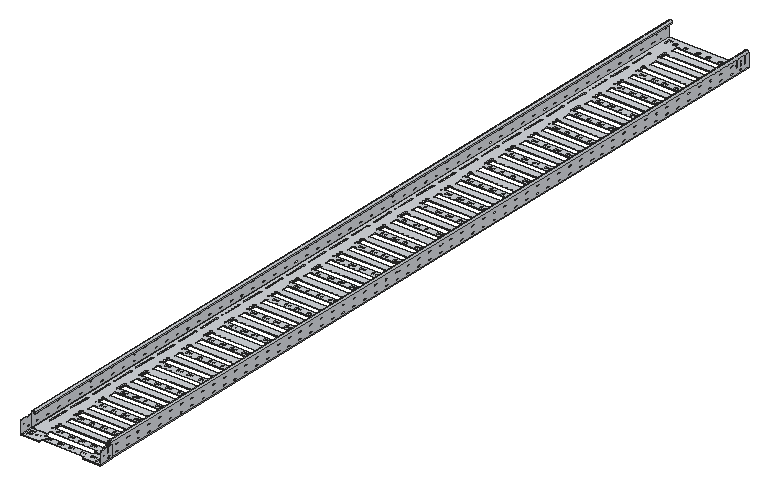
Revit family "MKSM Magic Kabelrinne 1 mm- MKSM 630 FT,FS", category Generic Models, Revit 2017 (continued)
Forms (mm)
  Extrusion 253, solid
    sketch origin (0, 0, 0) x (1, 0, 0) y (0, 0, 1)
      loop
        line (-65, -3.5) -> (-58.992, 0) -> (-60.942, 0) -> (-65, -2.328) -> (-69.058, 0) -> (-71.008, 0) -> (-65, -3.5)
    from -2978.15 to -2971.65
  Extrusion 254, void
    sketch origin (0, 0, 0) x (1, 0, 0) y (0, 1, 0)
      loop
        line (-71.008, 2978.15) -> (-71.008, 2971.65) -> (-58.992, 2971.65) -> (-58.992, 2978.15) -> (-71.008, 2978.15)
      loop
        line (58.992, 2978.15) -> (58.992, 2971.65) -> (71.008, 2971.65) -> (71.008, 2978.15) -> (58.992, 2978.15)
    from 0 to 1
  Extrusion 255, solid
    sketch origin (0, 0, 0) x (1, 0, 0) y (0, 0, 1)
      loop
        line (131, -3.5) -> (137.008, 0) -> (135.058, 0) -> (131, -2.343) -> (126.942, 0) -> (124.992, 0) -> (131, -3.5)
      loop
        line (-131, -3.5) -> (-124.992, 0) -> (-126.942, 0) -> (-131, -2.328) -> (-135.058, 0) -> (-137.008, 0) -> (-131, -3.5)
    from -2970 to -2963.5
  Extrusion 256, solid
    sketch origin (0, 0, 0) x (1, 0, 0) y (0, 0, 1)
      loop
        line (-137.008, 0) -> (-131, -3.5) -> (-124.992, 0) -> (-126.942, 0) -> (-131, -2.328) -> (-135.058, 0) -> (-137.008, 0)
      loop
        line (124.992, 0) -> (131, -3.5) -> (137.008, 0) -> (135.058, 0) -> (131, -2.328) -> (126.942, 0) -> (124.992, 0)
    from -2979.5 to -2986
  Extrusion 257, void
    sketch origin (0, 0, 0) x (1, 0, 0) y (0, 1, 0)
      loop
        line (-137.008, 2986) -> (-137.008, 2979.5) -> (-124.992, 2979.5) -> (-124.992, 2986) -> (-137.008, 2986)
      loop
        line (-137.008, 2970) -> (-137.008, 2963.5) -> (-124.992, 2963.5) -> (-124.992, 2970) -> (-137.008, 2970)
      loop
        line (124.992, 2986) -> (124.992, 2979.5) -> (137.008, 2979.5) -> (137.008, 2986) -> (124.992, 2986)
      loop
        line (124.992, 2970) -> (124.992, 2963.5) -> (137.008, 2963.5) -> (137.008, 2970) -> (124.992, 2970)
    from 0 to 1
  Extrusion 258, void
    sketch origin (0, 0, 0) x (1, 0, 0) y (0, 1, 0)
      loop
        arc (-134.5, 66.496) -> (-131, 62.996) -> (-127.5, 66.496) r 3.5
        line (-127.5, 66.496) -> (-127.5, 138.496)
        arc (-127.5, 138.496) -> (-131, 141.996) -> (-134.5, 138.496) r 3.5
        line (-134.5, 138.496) -> (-134.5, 66.496)
    from 0 to 1
  Extrusion 259, void
    sketch origin (0, 101.733, 0) x (1, 0, 0) y (0, 1, 0)
      loop
        arc (-134.5, 66.496) -> (-131, 62.996) -> (-127.5, 66.496) r 3.5
        line (-127.5, 66.496) -> (-127.5, 138.496)
        arc (-127.5, 138.496) -> (-131, 141.996) -> (-134.5, 138.496) r 3.5
        line (-134.5, 138.496) -> (-134.5, 66.496)
    from 0 to 1
  Extrusion 260, void
    sketch origin (0, 203.458, 0) x (1, 0, 0) y (0, 1, 0)
      loop
        arc (-134.5, 66.496) -> (-131, 62.996) -> (-127.5, 66.496) r 3.5
        line (-127.5, 66.496) -> (-127.5, 138.496)
        arc (-127.5, 138.496) -> (-131, 141.996) -> (-134.5, 138.496) r 3.5
        line (-134.5, 138.496) -> (-134.5, 66.496)
    from 0 to 1
  Extrusion 261, void
    sketch origin (0, 305.183, 0) x (1, 0, 0) y (0, 1, 0)
      loop
        arc (-134.5, 66.496) -> (-131, 62.996) -> (-127.5, 66.496) r 3.5
        line (-127.5, 66.496) -> (-127.5, 138.496)
        arc (-127.5, 138.496) -> (-131, 141.996) -> (-134.5, 138.496) r 3.5
        line (-134.5, 138.496) -> (-134.5, 66.496)
    from 0 to 1
  Extrusion 262, void
    sketch origin (0, 406.908, 0) x (1, 0, 0) y (0, 1, 0)
      loop
        arc (-134.5, 66.496) -> (-131, 62.996) -> (-127.5, 66.496) r 3.5
        line (-127.5, 66.496) -> (-127.5, 138.496)
        arc (-127.5, 138.496) -> (-131, 141.996) -> (-134.5, 138.496) r 3.5
        line (-134.5, 138.496) -> (-134.5, 66.496)
    from 0 to 1
  Extrusion 263, void
    sketch origin (0, 508.633, 0) x (1, 0, 0) y (0, 1, 0)
      loop
        arc (-134.5, 66.496) -> (-131, 62.996) -> (-127.5, 66.496) r 3.5
        line (-127.5, 66.496) -> (-127.5, 138.496)
        arc (-127.5, 138.496) -> (-131, 141.996) -> (-134.5, 138.496) r 3.5
        line (-134.5, 138.496) -> (-134.5, 66.496)
    from 0 to 1
  Extrusion 264, void
    sketch origin (0, 610.358, 0) x (1, 0, 0) y (0, 1, 0)
      loop
        arc (-134.5, 66.496) -> (-131, 62.996) -> (-127.5, 66.496) r 3.5
        line (-127.5, 66.496) -> (-127.5, 138.496)
        arc (-127.5, 138.496) -> (-131, 141.996) -> (-134.5, 138.496) r 3.5
        line (-134.5, 138.496) -> (-134.5, 66.496)
    from 0 to 1
  Extrusion 265, void
    sketch origin (0, 712.083, 0) x (1, 0, 0) y (0, 1, 0)
      loop
        arc (-134.5, 66.496) -> (-131, 62.996) -> (-127.5, 66.496) r 3.5
        line (-127.5, 66.496) -> (-127.5, 138.496)
        arc (-127.5, 138.496) -> (-131, 141.996) -> (-134.5, 138.496) r 3.5
        line (-134.5, 138.496) -> (-134.5, 66.496)
    from 0 to 1
  Extrusion 266, void
    sketch origin (0, 813.808, 0) x (1, 0, 0) y (0, 1, 0)
      loop
        arc (-134.5, 66.496) -> (-131, 62.996) -> (-127.5, 66.496) r 3.5
        line (-127.5, 66.496) -> (-127.5, 138.496)
        arc (-127.5, 138.496) -> (-131, 141.996) -> (-134.5, 138.496) r 3.5
        line (-134.5, 138.496) -> (-134.5, 66.496)
    from 0 to 1
  Extrusion 267, void
    sketch origin (0, 915.533, 0) x (1, 0, 0) y (0, 1, 0)
      loop
        arc (-134.5, 66.496) -> (-131, 62.996) -> (-127.5, 66.496) r 3.5
        line (-127.5, 66.496) -> (-127.5, 138.496)
        arc (-127.5, 138.496) -> (-131, 141.996) -> (-134.5, 138.496) r 3.5
        line (-134.5, 138.496) -> (-134.5, 66.496)
    from 0 to 1
  Extrusion 268, void
    sketch origin (0, 1017.259, 0) x (1, 0, 0) y (0, 1, 0)
      loop
        arc (-134.5, 66.496) -> (-131, 62.996) -> (-127.5, 66.496) r 3.5
        line (-127.5, 66.496) -> (-127.5, 138.496)
        arc (-127.5, 138.496) -> (-131, 141.996) -> (-134.5, 138.496) r 3.5
        line (-134.5, 138.496) -> (-134.5, 66.496)
    from 0 to 1
  Extrusion 269, void
    sketch origin (0, 1118.984, 0) x (1, 0, 0) y (0, 1, 0)
      loop
        arc (-134.5, 66.496) -> (-131, 62.996) -> (-127.5, 66.496) r 3.5
        line (-127.5, 66.496) -> (-127.5, 138.496)
        arc (-127.5, 138.496) -> (-131, 141.996) -> (-134.5, 138.496) r 3.5
        line (-134.5, 138.496) -> (-134.5, 66.496)
    from 0 to 1
  Extrusion 270, void
    sketch origin (0, 1220.709, 0) x (1, 0, 0) y (0, 1, 0)
      loop
        arc (-134.5, 66.496) -> (-131, 62.996) -> (-127.5, 66.496) r 3.5
        line (-127.5, 66.496) -> (-127.5, 138.496)
        arc (-127.5, 138.496) -> (-131, 141.996) -> (-134.5, 138.496) r 3.5
        line (-134.5, 138.496) -> (-134.5, 66.496)
    from 0 to 1
  Extrusion 271, void
    sketch origin (0, 1322.434, 0) x (1, 0, 0) y (0, 1, 0)
      loop
        arc (-134.5, 66.496) -> (-131, 62.996) -> (-127.5, 66.496) r 3.5
        line (-127.5, 66.496) -> (-127.5, 138.496)
        arc (-127.5, 138.496) -> (-131, 141.996) -> (-134.5, 138.496) r 3.5
        line (-134.5, 138.496) -> (-134.5, 66.496)
    from 0 to 1
  Extrusion 272, void
    sketch origin (0, 1424.159, 0) x (1, 0, 0) y (0, 1, 0)
      loop
        arc (-134.5, 66.496) -> (-131, 62.996) -> (-127.5, 66.496) r 3.5
        line (-127.5, 66.496) -> (-127.5, 138.496)
        arc (-127.5, 138.496) -> (-131, 141.996) -> (-134.5, 138.496) r 3.5
        line (-134.5, 138.496) -> (-134.5, 66.496)
    from 0 to 1
  Extrusion 273, void
    sketch origin (0, 1525.884, 0) x (1, 0, 0) y (0, 1, 0)
      loop
        arc (-134.5, 66.496) -> (-131, 62.996) -> (-127.5, 66.496) r 3.5
        line (-127.5, 66.496) -> (-127.5, 138.496)
        arc (-127.5, 138.496) -> (-131, 141.996) -> (-134.5, 138.496) r 3.5
        line (-134.5, 138.496) -> (-134.5, 66.496)
    from 0 to 1
  Extrusion 274, void
    sketch origin (0, 1627.609, 0) x (1, 0, 0) y (0, 1, 0)
      loop
        arc (-134.5, 66.496) -> (-131, 62.996) -> (-127.5, 66.496) r 3.5
        line (-127.5, 66.496) -> (-127.5, 138.496)
        arc (-127.5, 138.496) -> (-131, 141.996) -> (-134.5, 138.496) r 3.5
        line (-134.5, 138.496) -> (-134.5, 66.496)
    from 0 to 1
  Extrusion 275, void
    sketch origin (0, 1729.334, 0) x (1, 0, 0) y (0, 1, 0)
      loop
        arc (-134.5, 66.496) -> (-131, 62.996) -> (-127.5, 66.496) r 3.5
        line (-127.5, 66.496) -> (-127.5, 138.496)
        arc (-127.5, 138.496) -> (-131, 141.996) -> (-134.5, 138.496) r 3.5
        line (-134.5, 138.496) -> (-134.5, 66.496)
    from 0 to 1
  Extrusion 276, void
    sketch origin (0, 1831.06, 0) x (1, 0, 0) y (0, 1, 0)
      loop
        arc (-134.5, 66.496) -> (-131, 62.996) -> (-127.5, 66.496) r 3.5
        line (-127.5, 66.496) -> (-127.5, 138.496)
        arc (-127.5, 138.496) -> (-131, 141.996) -> (-134.5, 138.496) r 3.5
        line (-134.5, 138.496) -> (-134.5, 66.496)
    from 0 to 1
  Extrusion 277, void
    sketch origin (0, 1932.785, 0) x (1, 0, 0) y (0, 1, 0)
      loop
        arc (-134.5, 66.496) -> (-131, 62.996) -> (-127.5, 66.496) r 3.5
        line (-127.5, 66.496) -> (-127.5, 138.496)
        arc (-127.5, 138.496) -> (-131, 141.996) -> (-134.5, 138.496) r 3.5
        line (-134.5, 138.496) -> (-134.5, 66.496)
    from 0 to 1
  Extrusion 278, void
    sketch origin (0, 2034.51, 0) x (1, 0, 0) y (0, 1, 0)
      loop
        arc (-134.5, 66.496) -> (-131, 62.996) -> (-127.5, 66.496) r 3.5
        line (-127.5, 66.496) -> (-127.5, 138.496)
        arc (-127.5, 138.496) -> (-131, 141.996) -> (-134.5, 138.496) r 3.5
        line (-134.5, 138.496) -> (-134.5, 66.496)
    from 0 to 1
  Extrusion 279, void
    sketch origin (0, 2136.235, 0) x (1, 0, 0) y (0, 1, 0)
      loop
        arc (-134.5, 66.496) -> (-131, 62.996) -> (-127.5, 66.496) r 3.5
        line (-127.5, 66.496) -> (-127.5, 138.496)
        arc (-127.5, 138.496) -> (-131, 141.996) -> (-134.5, 138.496) r 3.5
        line (-134.5, 138.496) -> (-134.5, 66.496)
    from 0 to 1
  Extrusion 280, void
    sketch origin (0, 2237.96, 0) x (1, 0, 0) y (0, 1, 0)
      loop
        arc (-134.5, 66.496) -> (-131, 62.996) -> (-127.5, 66.496) r 3.5
        line (-127.5, 66.496) -> (-127.5, 138.496)
        arc (-127.5, 138.496) -> (-131, 141.996) -> (-134.5, 138.496) r 3.5
        line (-134.5, 138.496) -> (-134.5, 66.496)
    from 0 to 1
  Extrusion 281, void
    sketch origin (0, 2339.685, 0) x (1, 0, 0) y (0, 1, 0)
      loop
        arc (-134.5, 66.496) -> (-131, 62.996) -> (-127.5, 66.496) r 3.5
        line (-127.5, 66.496) -> (-127.5, 138.496)
        arc (-127.5, 138.496) -> (-131, 141.996) -> (-134.5, 138.496) r 3.5
        line (-134.5, 138.496) -> (-134.5, 66.496)
    from 0 to 1
  Extrusion 282, void
    sketch origin (0, 2441.41, 0) x (1, 0, 0) y (0, 1, 0)
      loop
        arc (-134.5, 66.496) -> (-131, 62.996) -> (-127.5, 66.496) r 3.5
        line (-127.5, 66.496) -> (-127.5, 138.496)
        arc (-127.5, 138.496) -> (-131, 141.996) -> (-134.5, 138.496) r 3.5
        line (-134.5, 138.496) -> (-134.5, 66.496)
    from 0 to 1
  Extrusion 283, void
    sketch origin (0, 2543.135, 0) x (1, 0, 0) y (0, 1, 0)
      loop
        arc (-134.5, 66.496) -> (-131, 62.996) -> (-127.5, 66.496) r 3.5
        line (-127.5, 66.496) -> (-127.5, 138.496)
        arc (-127.5, 138.496) -> (-131, 141.996) -> (-134.5, 138.496) r 3.5
        line (-134.5, 138.496) -> (-134.5, 66.496)
    from 0 to 1
  Extrusion 284, void
    sketch origin (0, 2644.86, 0) x (1, 0, 0) y (0, 1, 0)
      loop
        arc (-134.5, 66.496) -> (-131, 62.996) -> (-127.5, 66.496) r 3.5
        line (-127.5, 66.496) -> (-127.5, 138.496)
        arc (-127.5, 138.496) -> (-131, 141.996) -> (-134.5, 138.496) r 3.5
        line (-134.5, 138.496) -> (-134.5, 66.496)
    from 0 to 1
  Extrusion 285, void
    sketch origin (0, 2746.586, 0) x (1, 0, 0) y (0, 1, 0)
      loop
        arc (-134.5, 66.496) -> (-131, 62.996) -> (-127.5, 66.496) r 3.5
        line (-127.5, 66.496) -> (-127.5, 138.496)
        arc (-127.5, 138.496) -> (-131, 141.996) -> (-134.5, 138.496) r 3.5
        line (-134.5, 138.496) -> (-134.5, 66.496)
    from 0 to 1
  Extrusion 286, void
    sketch origin (0, 0, 0) x (1, 0, 0) y (0, 1, 0)
      loop
        arc (127.5, 66.5) -> (131, 63) -> (134.5, 66.5) r 3.5
        line (134.5, 66.5) -> (134.5, 138.5)
        arc (134.5, 138.5) -> (131, 142) -> (127.5, 138.5) r 3.5
        line (127.5, 138.5) -> (127.5, 66.5)
    from 0 to 1
  Extrusion 287, void
    sketch origin (0.096, 0, 0) x (1, 0, 0) y (0, 1, 0)
      loop
        line (-90, 13.54) -> (-90, -11.88) -> (90, -11.88) -> (90, 13.54) -> (-90, 13.54)
    from -1.75 to 1
  Extrusion 288, void
    sketch origin (0, 0, 0) x (1, 0, 0) y (0, 1, 0)
      loop
        line (-81, -37.29) -> (-81, -48.462) -> (-82.077, -50) -> (82.077, -50) -> (81, -48.462) -> (81, -37.29) -> (-81, -37.29)
    from -1.75 to 0
  Extrusion 289, void
    sketch origin (0, 101.68, 0) x (1, 0, 0) y (0, 1, 0)
      loop
        arc (127.5, 66.5) -> (131, 63) -> (134.5, 66.5) r 3.5
        line (134.5, 66.5) -> (134.5, 138.5)
        arc (134.5, 138.5) -> (131, 142) -> (127.5, 138.5) r 3.5
        line (127.5, 138.5) -> (127.5, 66.5)
    from 0 to 1
  Extrusion 290, void
    sketch origin (0, 203.348, 0) x (1, 0, 0) y (0, 1, 0)
      loop
        arc (127.5, 66.5) -> (131, 63) -> (134.5, 66.5) r 3.5
        line (134.5, 66.5) -> (134.5, 138.5)
        arc (134.5, 138.5) -> (131, 142) -> (127.5, 138.5) r 3.5
        line (127.5, 138.5) -> (127.5, 66.5)
    from 0 to 1
  Extrusion 291, void
    sketch origin (0, 305.016, 0) x (1, 0, 0) y (0, 1, 0)
      loop
        arc (127.5, 66.5) -> (131, 63) -> (134.5, 66.5) r 3.5
        line (134.5, 66.5) -> (134.5, 138.5)
        arc (134.5, 138.5) -> (131, 142) -> (127.5, 138.5) r 3.5
        line (127.5, 138.5) -> (127.5, 66.5)
    from 0 to 1
  Extrusion 292, void
    sketch origin (0, 406.685, 0) x (1, 0, 0) y (0, 1, 0)
      loop
        arc (127.5, 66.5) -> (131, 63) -> (134.5, 66.5) r 3.5
        line (134.5, 66.5) -> (134.5, 138.5)
        arc (134.5, 138.5) -> (131, 142) -> (127.5, 138.5) r 3.5
        line (127.5, 138.5) -> (127.5, 66.5)
    from 0 to 1
  Extrusion 293, void
    sketch origin (0, 508.353, 0) x (1, 0, 0) y (0, 1, 0)
      loop
        arc (127.5, 66.5) -> (131, 63) -> (134.5, 66.5) r 3.5
        line (134.5, 66.5) -> (134.5, 138.5)
        arc (134.5, 138.5) -> (131, 142) -> (127.5, 138.5) r 3.5
        line (127.5, 138.5) -> (127.5, 66.5)
    from 0 to 1
  Extrusion 294, void
    sketch origin (0, 610.022, 0) x (1, 0, 0) y (0, 1, 0)
      loop
        arc (127.5, 66.5) -> (131, 63) -> (134.5, 66.5) r 3.5
        line (134.5, 66.5) -> (134.5, 138.5)
        arc (134.5, 138.5) -> (131, 142) -> (127.5, 138.5) r 3.5
        line (127.5, 138.5) -> (127.5, 66.5)
    from 0 to 1
  Extrusion 295, void
    sketch origin (0, 711.69, 0) x (1, 0, 0) y (0, 1, 0)
      loop
        arc (127.5, 66.5) -> (131, 63) -> (134.5, 66.5) r 3.5
        line (134.5, 66.5) -> (134.5, 138.5)
        arc (134.5, 138.5) -> (131, 142) -> (127.5, 138.5) r 3.5
        line (127.5, 138.5) -> (127.5, 66.5)
    from 0 to 1
  Extrusion 296, void
    sketch origin (0, 813.358, 0) x (1, 0, 0) y (0, 1, 0)
      loop
        arc (127.5, 66.5) -> (131, 63) -> (134.5, 66.5) r 3.5
        line (134.5, 66.5) -> (134.5, 138.5)
        arc (134.5, 138.5) -> (131, 142) -> (127.5, 138.5) r 3.5
        line (127.5, 138.5) -> (127.5, 66.5)
    from 0 to 1
  Extrusion 297, void
    sketch origin (0, 915.027, 0) x (1, 0, 0) y (0, 1, 0)
      loop
        arc (127.5, 66.5) -> (131, 63) -> (134.5, 66.5) r 3.5
        line (134.5, 66.5) -> (134.5, 138.5)
        arc (134.5, 138.5) -> (131, 142) -> (127.5, 138.5) r 3.5
        line (127.5, 138.5) -> (127.5, 66.5)
    from 0 to 1
  Extrusion 298, void
    sketch origin (0, 1016.695, 0) x (1, 0, 0) y (0, 1, 0)
      loop
        arc (127.5, 66.5) -> (131, 63) -> (134.5, 66.5) r 3.5
        line (134.5, 66.5) -> (134.5, 138.5)
        arc (134.5, 138.5) -> (131, 142) -> (127.5, 138.5) r 3.5
        line (127.5, 138.5) -> (127.5, 66.5)
    from 0 to 1
  Extrusion 299, void
    sketch origin (0, 1118.364, 0) x (1, 0, 0) y (0, 1, 0)
      loop
        arc (127.5, 66.5) -> (131, 63) -> (134.5, 66.5) r 3.5
        line (134.5, 66.5) -> (134.5, 138.5)
        arc (134.5, 138.5) -> (131, 142) -> (127.5, 138.5) r 3.5
        line (127.5, 138.5) -> (127.5, 66.5)
    from 0 to 1
  Extrusion 300, void
    sketch origin (0, 1220.032, 0) x (1, 0, 0) y (0, 1, 0)
      loop
        arc (127.5, 66.5) -> (131, 63) -> (134.5, 66.5) r 3.5
        line (134.5, 66.5) -> (134.5, 138.5)
        arc (134.5, 138.5) -> (131, 142) -> (127.5, 138.5) r 3.5
        line (127.5, 138.5) -> (127.5, 66.5)
    from 0 to 1
  Extrusion 301, void
    sketch origin (0, 1321.7, 0) x (1, 0, 0) y (0, 1, 0)
      loop
        arc (127.5, 66.5) -> (131, 63) -> (134.5, 66.5) r 3.5
        line (134.5, 66.5) -> (134.5, 138.5)
        arc (134.5, 138.5) -> (131, 142) -> (127.5, 138.5) r 3.5
        line (127.5, 138.5) -> (127.5, 66.5)
    from 0 to 1
  Extrusion 302, void
    sketch origin (0, 1423.369, 0) x (1, 0, 0) y (0, 1, 0)
      loop
        arc (127.5, 66.5) -> (131, 63) -> (134.5, 66.5) r 3.5
        line (134.5, 66.5) -> (134.5, 138.5)
        arc (134.5, 138.5) -> (131, 142) -> (127.5, 138.5) r 3.5
        line (127.5, 138.5) -> (127.5, 66.5)
    from 0 to 1
  Extrusion 303, void
    sketch origin (0, 1525.037, 0) x (1, 0, 0) y (0, 1, 0)
      loop
        arc (127.5, 66.5) -> (131, 63) -> (134.5, 66.5) r 3.5
        line (134.5, 66.5) -> (134.5, 138.5)
        arc (134.5, 138.5) -> (131, 142) -> (127.5, 138.5) r 3.5
        line (127.5, 138.5) -> (127.5, 66.5)
    from 0 to 1
  Extrusion 304, void
    sketch origin (0, 1626.706, 0) x (1, 0, 0) y (0, 1, 0)
      loop
        arc (127.5, 66.5) -> (131, 63) -> (134.5, 66.5) r 3.5
        line (134.5, 66.5) -> (134.5, 138.5)
        arc (134.5, 138.5) -> (131, 142) -> (127.5, 138.5) r 3.5
        line (127.5, 138.5) -> (127.5, 66.5)
    from 0 to 1
  Extrusion 305, void
    sketch origin (0, 1728.374, 0) x (1, 0, 0) y (0, 1, 0)
      loop
        arc (127.5, 66.5) -> (131, 63) -> (134.5, 66.5) r 3.5
        line (134.5, 66.5) -> (134.5, 138.5)
        arc (134.5, 138.5) -> (131, 142) -> (127.5, 138.5) r 3.5
        line (127.5, 138.5) -> (127.5, 66.5)
    from 0 to 1
  Extrusion 306, void
    sketch origin (0, 1830.042, 0) x (1, 0, 0) y (0, 1, 0)
      loop
        arc (127.5, 66.5) -> (131, 63) -> (134.5, 66.5) r 3.5
        line (134.5, 66.5) -> (134.5, 138.5)
        arc (134.5, 138.5) -> (131, 142) -> (127.5, 138.5) r 3.5
        line (127.5, 138.5) -> (127.5, 66.5)
    from 0 to 1
  Extrusion 307, void
    sketch origin (0, 1931.711, 0) x (1, 0, 0) y (0, 1, 0)
      loop
        arc (127.5, 66.5) -> (131, 63) -> (134.5, 66.5) r 3.5
        line (134.5, 66.5) -> (134.5, 138.5)
        arc (134.5, 138.5) -> (131, 142) -> (127.5, 138.5) r 3.5
        line (127.5, 138.5) -> (127.5, 66.5)
    from 0 to 1
  Extrusion 308, void
    sketch origin (0, 2033.379, 0) x (1, 0, 0) y (0, 1, 0)
      loop
        arc (127.5, 66.5) -> (131, 63) -> (134.5, 66.5) r 3.5
        line (134.5, 66.5) -> (134.5, 138.5)
        arc (134.5, 138.5) -> (131, 142) -> (127.5, 138.5) r 3.5
        line (127.5, 138.5) -> (127.5, 66.5)
    from 0 to 1
  Extrusion 309, void
    sketch origin (0, 2135.048, 0) x (1, 0, 0) y (0, 1, 0)
      loop
        arc (127.5, 66.5) -> (131, 63) -> (134.5, 66.5) r 3.5
        line (134.5, 66.5) -> (134.5, 138.5)
        arc (134.5, 138.5) -> (131, 142) -> (127.5, 138.5) r 3.5
        line (127.5, 138.5) -> (127.5, 66.5)
    from 0 to 1
  Extrusion 310, void
    sketch origin (0, 2236.716, 0) x (1, 0, 0) y (0, 1, 0)
      loop
        arc (127.5, 66.5) -> (131, 63) -> (134.5, 66.5) r 3.5
        line (134.5, 66.5) -> (134.5, 138.5)
        arc (134.5, 138.5) -> (131, 142) -> (127.5, 138.5) r 3.5
        line (127.5, 138.5) -> (127.5, 66.5)
    from 0 to 1
  Extrusion 311, void
    sketch origin (0, 2338.384, 0) x (1, 0, 0) y (0, 1, 0)
      loop
        arc (127.5, 66.5) -> (131, 63) -> (134.5, 66.5) r 3.5
        line (134.5, 66.5) -> (134.5, 138.5)
        arc (134.5, 138.5) -> (131, 142) -> (127.5, 138.5) r 3.5
        line (127.5, 138.5) -> (127.5, 66.5)
    from 0 to 1
  Extrusion 312, void
    sketch origin (0, 2440.053, 0) x (1, 0, 0) y (0, 1, 0)
      loop
        arc (127.5, 66.5) -> (131, 63) -> (134.5, 66.5) r 3.5
        line (134.5, 66.5) -> (134.5, 138.5)
        arc (134.5, 138.5) -> (131, 142) -> (127.5, 138.5) r 3.5
        line (127.5, 138.5) -> (127.5, 66.5)
    from 0 to 1
  Extrusion 313, void
    sketch origin (0, 2541.721, 0) x (1, 0, 0) y (0, 1, 0)
      loop
        arc (127.5, 66.5) -> (131, 63) -> (134.5, 66.5) r 3.5
        line (134.5, 66.5) -> (134.5, 138.5)
        arc (134.5, 138.5) -> (131, 142) -> (127.5, 138.5) r 3.5
        line (127.5, 138.5) -> (127.5, 66.5)
    from 0 to 1
  Extrusion 314, void
    sketch origin (0, 2643.39, 0) x (1, 0, 0) y (0, 1, 0)
      loop
        arc (127.5, 66.5) -> (131, 63) -> (134.5, 66.5) r 3.5
        line (134.5, 66.5) -> (134.5, 138.5)
        arc (134.5, 138.5) -> (131, 142) -> (127.5, 138.5) r 3.5
        line (127.5, 138.5) -> (127.5, 66.5)
    from 0 to 1
  Extrusion 315, void
    sketch origin (0, 2745.058, 0) x (1, 0, 0) y (0, 1, 0)
      loop
        arc (127.5, 66.5) -> (131, 63) -> (134.5, 66.5) r 3.5
        line (134.5, 66.5) -> (134.5, 138.5)
        arc (134.5, 138.5) -> (131, 142) -> (127.5, 138.5) r 3.5
        line (127.5, 138.5) -> (127.5, 66.5)
    from 0 to 1
  Extrusion 316, void
    sketch origin (0, 0, 0) x (1, 0, 0) y (0, 1, 0)
      loop
        line (-90, 115.21) -> (-90, 89.79) -> (90, 89.79) -> (90, 115.21) -> (-90, 115.21)
    from 0 to 1
  Extrusion 317, void
    sketch origin (0, 0, 0) x (1, 0, 0) y (0, 1, 0)
      loop
        line (-90, 63.54) -> (-90, 38.12) -> (90, 38.12) -> (90, 63.54) -> (-90, 63.54)
      loop
        arc (92.517, 35.822) -> (96.008, 32.33) -> (99.5, 35.822) r 3.492
        line (99.5, 35.822) -> (99.5, 65.838)
        arc (99.5, 65.838) -> (96.008, 69.33) -> (92.517, 65.838) r 3.492
        line (92.517, 65.838) -> (92.517, 35.822)
      loop
        arc (-99.5, 35.83) -> (-96, 32.33) -> (-92.5, 35.83) r 3.5
        line (-92.5, 35.83) -> (-92.5, 65.83)
        arc (-92.5, 65.83) -> (-96, 69.33) -> (-99.5, 65.83) r 3.5
        line (-99.5, 65.83) -> (-99.5, 35.83)
    from 0 to 1
  Extrusion 318, void
    sketch origin (0, 101.673, 0) x (1, 0, 0) y (0, 1, 0)
      loop
        line (-90, 115.21) -> (-90, 89.79) -> (90, 89.79) -> (90, 115.21) -> (-90, 115.21)
    from 0 to 1
  Extrusion 319, void
    sketch origin (0, 101.729, 0) x (1, 0, 0) y (0, 1, 0)
      loop
        line (-90, 63.54) -> (-90, 38.12) -> (90, 38.12) -> (90, 63.54) -> (-90, 63.54)
      loop
        arc (92.517, 35.822) -> (96.008, 32.33) -> (99.5, 35.822) r 3.492
        line (99.5, 35.822) -> (99.5, 65.838)
        arc (99.5, 65.838) -> (96.008, 69.33) -> (92.517, 65.838) r 3.492
        line (92.517, 65.838) -> (92.517, 35.822)
      loop
        arc (-99.5, 35.83) -> (-96, 32.33) -> (-92.5, 35.83) r 3.5
        line (-92.5, 35.83) -> (-92.5, 65.83)
        arc (-92.5, 65.83) -> (-96, 69.33) -> (-99.5, 65.83) r 3.5
        line (-99.5, 65.83) -> (-99.5, 35.83)
    from 0 to 1
  Extrusion 320, void
    sketch origin (0, 0, 0) x (1, 0, 0) y (0, 1, 0)
      loop
        line (-29, 29.75) -> (-29, 22.75) -> (-11.021, 22.75) -> (-11.021, 29.75) -> (-29, 29.75)
      loop
        line (11, 29.75) -> (11, 22.75) -> (29, 22.75) -> (29, 29.75) -> (11, 29.75)
      loop
        line (-74, 29.75) -> (-74, 22.75) -> (-56, 22.75) -> (-56, 29.75) -> (-74, 29.75)
      loop
        line (56, 29.75) -> (56, 22.75) -> (74, 22.75) -> (74, 29.75) -> (56, 29.75)
    from 0 to 1
  Extrusion 321, void
    sketch origin (0, 101.744, 0) x (1, 0, 0) y (0, 1, 0)
      loop
        line (-29, 29.75) -> (-29, 22.75) -> (-11.021, 22.75) -> (-11.021, 29.75) -> (-29, 29.75)
      loop
        line (11, 29.75) -> (11, 22.75) -> (29, 22.75) -> (29, 29.75) -> (11, 29.75)
      loop
        line (-74, 29.75) -> (-74, 22.75) -> (-56, 22.75) -> (-56, 29.75) -> (-74, 29.75)
      loop
        line (56, 29.75) -> (56, 22.75) -> (74, 22.75) -> (74, 29.75) -> (56, 29.75)
    from 0 to 1
  Extrusion 322, void
    sketch origin (0, 203.401, 0) x (1, 0, 0) y (0, 1, 0)
      loop
        line (-29, 29.75) -> (-29, 22.75) -> (-11.021, 22.75) -> (-11.021, 29.75) -> (-29, 29.75)
      loop
        line (11, 29.75) -> (11, 22.75) -> (29, 22.75) -> (29, 29.75) -> (11, 29.75)
      loop
        line (-74, 29.75) -> (-74, 22.75) -> (-56, 22.75) -> (-56, 29.75) -> (-74, 29.75)
      loop
        line (56, 29.75) -> (56, 22.75) -> (74, 22.75) -> (74, 29.75) -> (56, 29.75)
    from 0 to 1
  Extrusion 323, void
    sketch origin (0, 305.058, 0) x (1, 0, 0) y (0, 1, 0)
      loop
        line (-29, 29.75) -> (-29, 22.75) -> (-11.021, 22.75) -> (-11.021, 29.75) -> (-29, 29.75)
      loop
        line (11, 29.75) -> (11, 22.75) -> (29, 22.75) -> (29, 29.75) -> (11, 29.75)
      loop
        line (-74, 29.75) -> (-74, 22.75) -> (-56, 22.75) -> (-56, 29.75) -> (-74, 29.75)
      loop
        line (56, 29.75) -> (56, 22.75) -> (74, 22.75) -> (74, 29.75) -> (56, 29.75)
    from 0 to 1
  Extrusion 324, void
    sketch origin (0, 406.716, 0) x (1, 0, 0) y (0, 1, 0)
      loop
        line (-29, 29.75) -> (-29, 22.75) -> (-11.021, 22.75) -> (-11.021, 29.75) -> (-29, 29.75)
      loop
        line (11, 29.75) -> (11, 22.75) -> (29, 22.75) -> (29, 29.75) -> (11, 29.75)
      loop
        line (-74, 29.75) -> (-74, 22.75) -> (-56, 22.75) -> (-56, 29.75) -> (-74, 29.75)
      loop
        line (56, 29.75) -> (56, 22.75) -> (74, 22.75) -> (74, 29.75) -> (56, 29.75)
    from 0 to 1
  Extrusion 325, void
    sketch origin (0, 508.373, 0) x (1, 0, 0) y (0, 1, 0)
      loop
        line (-29, 29.75) -> (-29, 22.75) -> (-11.021, 22.75) -> (-11.021, 29.75) -> (-29, 29.75)
      loop
        line (11, 29.75) -> (11, 22.75) -> (29, 22.75) -> (29, 29.75) -> (11, 29.75)
      loop
        line (-74, 29.75) -> (-74, 22.75) -> (-56, 22.75) -> (-56, 29.75) -> (-74, 29.75)
      loop
        line (56, 29.75) -> (56, 22.75) -> (74, 22.75) -> (74, 29.75) -> (56, 29.75)
    from 0 to 1
  Extrusion 326, void
    sketch origin (0, 610.031, 0) x (1, 0, 0) y (0, 1, 0)
      loop
        line (-29, 29.75) -> (-29, 22.75) -> (-11.021, 22.75) -> (-11.021, 29.75) -> (-29, 29.75)
      loop
        line (11, 29.75) -> (11, 22.75) -> (29, 22.75) -> (29, 29.75) -> (11, 29.75)
      loop
        line (-74, 29.75) -> (-74, 22.75) -> (-56, 22.75) -> (-56, 29.75) -> (-74, 29.75)
      loop
        line (56, 29.75) -> (56, 22.75) -> (74, 22.75) -> (74, 29.75) -> (56, 29.75)
    from 0 to 1
  Extrusion 327, void
    sketch origin (0, 711.688, 0) x (1, 0, 0) y (0, 1, 0)
      loop
        line (-29, 29.75) -> (-29, 22.75) -> (-11.021, 22.75) -> (-11.021, 29.75) -> (-29, 29.75)
      loop
        line (11, 29.75) -> (11, 22.75) -> (29, 22.75) -> (29, 29.75) -> (11, 29.75)
      loop
        line (-74, 29.75) -> (-74, 22.75) -> (-56, 22.75) -> (-56, 29.75) -> (-74, 29.75)
      loop
        line (56, 29.75) -> (56, 22.75) -> (74, 22.75) -> (74, 29.75) -> (56, 29.75)
    from 0 to 1
  Extrusion 328, void
    sketch origin (0, 813.345, 0) x (1, 0, 0) y (0, 1, 0)
      loop
        line (-29, 29.75) -> (-29, 22.75) -> (-11.021, 22.75) -> (-11.021, 29.75) -> (-29, 29.75)
      loop
        line (11, 29.75) -> (11, 22.75) -> (29, 22.75) -> (29, 29.75) -> (11, 29.75)
      loop
        line (-74, 29.75) -> (-74, 22.75) -> (-56, 22.75) -> (-56, 29.75) -> (-74, 29.75)
      loop
        line (56, 29.75) -> (56, 22.75) -> (74, 22.75) -> (74, 29.75) -> (56, 29.75)
    from 0 to 1
  Extrusion 329, void
    sketch origin (0, 915.003, 0) x (1, 0, 0) y (0, 1, 0)
      loop
        line (-29, 29.75) -> (-29, 22.75) -> (-11.021, 22.75) -> (-11.021, 29.75) -> (-29, 29.75)
      loop
        line (11, 29.75) -> (11, 22.75) -> (29, 22.75) -> (29, 29.75) -> (11, 29.75)
      loop
        line (-74, 29.75) -> (-74, 22.75) -> (-56, 22.75) -> (-56, 29.75) -> (-74, 29.75)
      loop
        line (56, 29.75) -> (56, 22.75) -> (74, 22.75) -> (74, 29.75) -> (56, 29.75)
    from 0 to 1
  Extrusion 330, void
    sketch origin (0, 1016.66, 0) x (1, 0, 0) y (0, 1, 0)
      loop
        line (-29, 29.75) -> (-29, 22.75) -> (-11.021, 22.75) -> (-11.021, 29.75) -> (-29, 29.75)
      loop
        line (11, 29.75) -> (11, 22.75) -> (29, 22.75) -> (29, 29.75) -> (11, 29.75)
      loop
        line (-74, 29.75) -> (-74, 22.75) -> (-56, 22.75) -> (-56, 29.75) -> (-74, 29.75)
      loop
        line (56, 29.75) -> (56, 22.75) -> (74, 22.75) -> (74, 29.75) -> (56, 29.75)
    from 0 to 1
  Extrusion 331, void
    sketch origin (0, 1118.318, 0) x (1, 0, 0) y (0, 1, 0)
      loop
        line (-29, 29.75) -> (-29, 22.75) -> (-11.021, 22.75) -> (-11.021, 29.75) -> (-29, 29.75)
      loop
        line (11, 29.75) -> (11, 22.75) -> (29, 22.75) -> (29, 29.75) -> (11, 29.75)
      loop
        line (-74, 29.75) -> (-74, 22.75) -> (-56, 22.75) -> (-56, 29.75) -> (-74, 29.75)
      loop
        line (56, 29.75) -> (56, 22.75) -> (74, 22.75) -> (74, 29.75) -> (56, 29.75)
    from 0 to 1
  Extrusion 332, void
    sketch origin (0, 1219.975, 0) x (1, 0, 0) y (0, 1, 0)
      loop
        line (-29, 29.75) -> (-29, 22.75) -> (-11.021, 22.75) -> (-11.021, 29.75) -> (-29, 29.75)
      loop
        line (11, 29.75) -> (11, 22.75) -> (29, 22.75) -> (29, 29.75) -> (11, 29.75)
      loop
        line (-74, 29.75) -> (-74, 22.75) -> (-56, 22.75) -> (-56, 29.75) -> (-74, 29.75)
      loop
        line (56, 29.75) -> (56, 22.75) -> (74, 22.75) -> (74, 29.75) -> (56, 29.75)
    from 0 to 1
  Extrusion 333, void
    sketch origin (0, 1321.632, 0) x (1, 0, 0) y (0, 1, 0)
      loop
        line (-29, 29.75) -> (-29, 22.75) -> (-11.021, 22.75) -> (-11.021, 29.75) -> (-29, 29.75)
      loop
        line (11, 29.75) -> (11, 22.75) -> (29, 22.75) -> (29, 29.75) -> (11, 29.75)
      loop
        line (-74, 29.75) -> (-74, 22.75) -> (-56, 22.75) -> (-56, 29.75) -> (-74, 29.75)
      loop
        line (56, 29.75) -> (56, 22.75) -> (74, 22.75) -> (74, 29.75) -> (56, 29.75)
    from 0 to 1
  Extrusion 334, void
    sketch origin (0, 1423.29, 0) x (1, 0, 0) y (0, 1, 0)
      loop
        line (-29, 29.75) -> (-29, 22.75) -> (-11.021, 22.75) -> (-11.021, 29.75) -> (-29, 29.75)
      loop
        line (11, 29.75) -> (11, 22.75) -> (29, 22.75) -> (29, 29.75) -> (11, 29.75)
      loop
        line (-74, 29.75) -> (-74, 22.75) -> (-56, 22.75) -> (-56, 29.75) -> (-74, 29.75)
      loop
        line (56, 29.75) -> (56, 22.75) -> (74, 22.75) -> (74, 29.75) -> (56, 29.75)
    from 0 to 1
  Extrusion 335, void
    sketch origin (0, 1524.947, 0) x (1, 0, 0) y (0, 1, 0)
      loop
        line (-29, 29.75) -> (-29, 22.75) -> (-11.021, 22.75) -> (-11.021, 29.75) -> (-29, 29.75)
      loop
        line (11, 29.75) -> (11, 22.75) -> (29, 22.75) -> (29, 29.75) -> (11, 29.75)
      loop
        line (-74, 29.75) -> (-74, 22.75) -> (-56, 22.75) -> (-56, 29.75) -> (-74, 29.75)
      loop
        line (56, 29.75) -> (56, 22.75) -> (74, 22.75) -> (74, 29.75) -> (56, 29.75)
    from 0 to 1
  Extrusion 336, void
    sketch origin (0, 1626.605, 0) x (1, 0, 0) y (0, 1, 0)
      loop
        line (-29, 29.75) -> (-29, 22.75) -> (-11.021, 22.75) -> (-11.021, 29.75) -> (-29, 29.75)
      loop
        line (11, 29.75) -> (11, 22.75) -> (29, 22.75) -> (29, 29.75) -> (11, 29.75)
      loop
        line (-74, 29.75) -> (-74, 22.75) -> (-56, 22.75) -> (-56, 29.75) -> (-74, 29.75)
      loop
        line (56, 29.75) -> (56, 22.75) -> (74, 22.75) -> (74, 29.75) -> (56, 29.75)
    from 0 to 1
  Extrusion 337, void
    sketch origin (0, 1728.262, 0) x (1, 0, 0) y (0, 1, 0)
      loop
        line (-29, 29.75) -> (-29, 22.75) -> (-11.021, 22.75) -> (-11.021, 29.75) -> (-29, 29.75)
      loop
        line (11, 29.75) -> (11, 22.75) -> (29, 22.75) -> (29, 29.75) -> (11, 29.75)
      loop
        line (-74, 29.75) -> (-74, 22.75) -> (-56, 22.75) -> (-56, 29.75) -> (-74, 29.75)
      loop
        line (56, 29.75) -> (56, 22.75) -> (74, 22.75) -> (74, 29.75) -> (56, 29.75)
    from 0 to 1
  Extrusion 338, void
    sketch origin (0, 1829.919, 0) x (1, 0, 0) y (0, 1, 0)
      loop
        line (-29, 29.75) -> (-29, 22.75) -> (-11.021, 22.75) -> (-11.021, 29.75) -> (-29, 29.75)
      loop
        line (11, 29.75) -> (11, 22.75) -> (29, 22.75) -> (29, 29.75) -> (11, 29.75)
      loop
        line (-74, 29.75) -> (-74, 22.75) -> (-56, 22.75) -> (-56, 29.75) -> (-74, 29.75)
      loop
        line (56, 29.75) -> (56, 22.75) -> (74, 22.75) -> (74, 29.75) -> (56, 29.75)
    from 0 to 1
  Extrusion 339, void
    sketch origin (0, 1931.577, 0) x (1, 0, 0) y (0, 1, 0)
      loop
        line (-29, 29.75) -> (-29, 22.75) -> (-11.021, 22.75) -> (-11.021, 29.75) -> (-29, 29.75)
      loop
        line (11, 29.75) -> (11, 22.75) -> (29, 22.75) -> (29, 29.75) -> (11, 29.75)
      loop
        line (-74, 29.75) -> (-74, 22.75) -> (-56, 22.75) -> (-56, 29.75) -> (-74, 29.75)
      loop
        line (56, 29.75) -> (56, 22.75) -> (74, 22.75) -> (74, 29.75) -> (56, 29.75)
    from 0 to 1
  Extrusion 340, void
    sketch origin (0, 2033.234, 0) x (1, 0, 0) y (0, 1, 0)
      loop
        line (-29, 29.75) -> (-29, 22.75) -> (-11.021, 22.75) -> (-11.021, 29.75) -> (-29, 29.75)
      loop
        line (11, 29.75) -> (11, 22.75) -> (29, 22.75) -> (29, 29.75) -> (11, 29.75)
      loop
        line (-74, 29.75) -> (-74, 22.75) -> (-56, 22.75) -> (-56, 29.75) -> (-74, 29.75)
      loop
        line (56, 29.75) -> (56, 22.75) -> (74, 22.75) -> (74, 29.75) -> (56, 29.75)
    from 0 to 1
  Extrusion 341, void
    sketch origin (0, 2134.892, 0) x (1, 0, 0) y (0, 1, 0)
      loop
        line (-29, 29.75) -> (-29, 22.75) -> (-11.021, 22.75) -> (-11.021, 29.75) -> (-29, 29.75)
      loop
        line (11, 29.75) -> (11, 22.75) -> (29, 22.75) -> (29, 29.75) -> (11, 29.75)
      loop
        line (-74, 29.75) -> (-74, 22.75) -> (-56, 22.75) -> (-56, 29.75) -> (-74, 29.75)
      loop
        line (56, 29.75) -> (56, 22.75) -> (74, 22.75) -> (74, 29.75) -> (56, 29.75)
    from 0 to 1
  Extrusion 342, void
    sketch origin (0, 2236.549, 0) x (1, 0, 0) y (0, 1, 0)
      loop
        line (-29, 29.75) -> (-29, 22.75) -> (-11.021, 22.75) -> (-11.021, 29.75) -> (-29, 29.75)
      loop
        line (11, 29.75) -> (11, 22.75) -> (29, 22.75) -> (29, 29.75) -> (11, 29.75)
      loop
        line (-74, 29.75) -> (-74, 22.75) -> (-56, 22.75) -> (-56, 29.75) -> (-74, 29.75)
      loop
        line (56, 29.75) -> (56, 22.75) -> (74, 22.75) -> (74, 29.75) -> (56, 29.75)
    from 0 to 1
  Extrusion 343, void
    sketch origin (0, 2338.206, 0) x (1, 0, 0) y (0, 1, 0)
      loop
        line (-29, 29.75) -> (-29, 22.75) -> (-11.021, 22.75) -> (-11.021, 29.75) -> (-29, 29.75)
      loop
        line (11, 29.75) -> (11, 22.75) -> (29, 22.75) -> (29, 29.75) -> (11, 29.75)
      loop
        line (-74, 29.75) -> (-74, 22.75) -> (-56, 22.75) -> (-56, 29.75) -> (-74, 29.75)
      loop
        line (56, 29.75) -> (56, 22.75) -> (74, 22.75) -> (74, 29.75) -> (56, 29.75)
    from 0 to 1
  Extrusion 344, void
    sketch origin (0, 2439.864, 0) x (1, 0, 0) y (0, 1, 0)
      loop
        line (-29, 29.75) -> (-29, 22.75) -> (-11.021, 22.75) -> (-11.021, 29.75) -> (-29, 29.75)
      loop
        line (11, 29.75) -> (11, 22.75) -> (29, 22.75) -> (29, 29.75) -> (11, 29.75)
      loop
        line (-74, 29.75) -> (-74, 22.75) -> (-56, 22.75) -> (-56, 29.75) -> (-74, 29.75)
      loop
        line (56, 29.75) -> (56, 22.75) -> (74, 22.75) -> (74, 29.75) -> (56, 29.75)
    from 0 to 1
  Extrusion 345, void
    sketch origin (0, 2541.521, 0) x (1, 0, 0) y (0, 1, 0)
      loop
        line (-29, 29.75) -> (-29, 22.75) -> (-11.021, 22.75) -> (-11.021, 29.75) -> (-29, 29.75)
      loop
        line (11, 29.75) -> (11, 22.75) -> (29, 22.75) -> (29, 29.75) -> (11, 29.75)
      loop
        line (-74, 29.75) -> (-74, 22.75) -> (-56, 22.75) -> (-56, 29.75) -> (-74, 29.75)
      loop
        line (56, 29.75) -> (56, 22.75) -> (74, 22.75) -> (74, 29.75) -> (56, 29.75)
    from 0 to 1
  Extrusion 346, void
    sketch origin (0, 2643.179, 0) x (1, 0, 0) y (0, 1, 0)
      loop
        line (-29, 29.75) -> (-29, 22.75) -> (-11.021, 22.75) -> (-11.021, 29.75) -> (-29, 29.75)
      loop
        line (11, 29.75) -> (11, 22.75) -> (29, 22.75) -> (29, 29.75) -> (11, 29.75)
      loop
        line (-74, 29.75) -> (-74, 22.75) -> (-56, 22.75) -> (-56, 29.75) -> (-74, 29.75)
      loop
        line (56, 29.75) -> (56, 22.75) -> (74, 22.75) -> (74, 29.75) -> (56, 29.75)
    from 0 to 1
  Extrusion 347, void
    sketch origin (0, 2744.836, 0) x (1, 0, 0) y (0, 1, 0)
      loop
        line (-29, 29.75) -> (-29, 22.75) -> (-11.021, 22.75) -> (-11.021, 29.75) -> (-29, 29.75)
      loop
        line (11, 29.75) -> (11, 22.75) -> (29, 22.75) -> (29, 29.75) -> (11, 29.75)
      loop
        line (-74, 29.75) -> (-74, 22.75) -> (-56, 22.75) -> (-56, 29.75) -> (-74, 29.75)
      loop
        line (56, 29.75) -> (56, 22.75) -> (74, 22.75) -> (74, 29.75) -> (56, 29.75)
    from 0 to 1
  Extrusion 348, void
    sketch origin (0, 203.475, 0) x (1, 0, 0) y (0, 1, 0)
      loop
        line (-90, 63.54) -> (-90, 38.12) -> (90, 38.12) -> (90, 63.54) -> (-90, 63.54)
      loop
        arc (92.517, 35.822) -> (96.008, 32.33) -> (99.5, 35.822) r 3.492
        line (99.5, 35.822) -> (99.5, 65.838)
        arc (99.5, 65.838) -> (96.008, 69.33) -> (92.517, 65.838) r 3.492
        line (92.517, 65.838) -> (92.517, 35.822)
      loop
        arc (-99.5, 35.83) -> (-96, 32.33) -> (-92.5, 35.83) r 3.5
        line (-92.5, 35.83) -> (-92.5, 65.83)
        arc (-92.5, 65.83) -> (-96, 69.33) -> (-99.5, 65.83) r 3.5
        line (-99.5, 65.83) -> (-99.5, 35.83)
    from 0 to 1
  Extrusion 349, void
    sketch origin (0, 305.221, 0) x (1, 0, 0) y (0, 1, 0)
      loop
        line (-90, 63.54) -> (-90, 38.12) -> (90, 38.12) -> (90, 63.54) -> (-90, 63.54)
      loop
        arc (92.517, 35.822) -> (96.008, 32.33) -> (99.5, 35.822) r 3.492
        line (99.5, 35.822) -> (99.5, 65.838)
        arc (99.5, 65.838) -> (96.008, 69.33) -> (92.517, 65.838) r 3.492
        line (92.517, 65.838) -> (92.517, 35.822)
      loop
        arc (-99.5, 35.83) -> (-96, 32.33) -> (-92.5, 35.83) r 3.5
        line (-92.5, 35.83) -> (-92.5, 65.83)
        arc (-92.5, 65.83) -> (-96, 69.33) -> (-99.5, 65.83) r 3.5
        line (-99.5, 65.83) -> (-99.5, 35.83)
    from 0 to 1
  Extrusion 350, void
    sketch origin (0, 406.967, 0) x (1, 0, 0) y (0, 1, 0)
      loop
        line (-90, 63.54) -> (-90, 38.12) -> (90, 38.12) -> (90, 63.54) -> (-90, 63.54)
      loop
        arc (92.517, 35.822) -> (96.008, 32.33) -> (99.5, 35.822) r 3.492
        line (99.5, 35.822) -> (99.5, 65.838)
        arc (99.5, 65.838) -> (96.008, 69.33) -> (92.517, 65.838) r 3.492
        line (92.517, 65.838) -> (92.517, 35.822)
      loop
        arc (-99.5, 35.83) -> (-96, 32.33) -> (-92.5, 35.83) r 3.5
        line (-92.5, 35.83) -> (-92.5, 65.83)
        arc (-92.5, 65.83) -> (-96, 69.33) -> (-99.5, 65.83) r 3.5
        line (-99.5, 65.83) -> (-99.5, 35.83)
    from 0 to 1
  Extrusion 351, void
    sketch origin (0, 508.713, 0) x (1, 0, 0) y (0, 1, 0)
      loop
        line (-90, 63.54) -> (-90, 38.12) -> (90, 38.12) -> (90, 63.54) -> (-90, 63.54)
      loop
        arc (92.517, 35.822) -> (96.008, 32.33) -> (99.5, 35.822) r 3.492
        line (99.5, 35.822) -> (99.5, 65.838)
        arc (99.5, 65.838) -> (96.008, 69.33) -> (92.517, 65.838) r 3.492
        line (92.517, 65.838) -> (92.517, 35.822)
      loop
        arc (-99.5, 35.83) -> (-96, 32.33) -> (-92.5, 35.83) r 3.5
        line (-92.5, 35.83) -> (-92.5, 65.83)
        arc (-92.5, 65.83) -> (-96, 69.33) -> (-99.5, 65.83) r 3.5
        line (-99.5, 65.83) -> (-99.5, 35.83)
    from 0 to 1
  Extrusion 352, void
    sketch origin (0, 610.459, 0) x (1, 0, 0) y (0, 1, 0)
      loop
        line (-90, 63.54) -> (-90, 38.12) -> (90, 38.12) -> (90, 63.54) -> (-90, 63.54)
      loop
        arc (92.517, 35.822) -> (96.008, 32.33) -> (99.5, 35.822) r 3.492
        line (99.5, 35.822) -> (99.5, 65.838)
        arc (99.5, 65.838) -> (96.008, 69.33) -> (92.517, 65.838) r 3.492
        line (92.517, 65.838) -> (92.517, 35.822)
      loop
        arc (-99.5, 35.83) -> (-96, 32.33) -> (-92.5, 35.83) r 3.5
        line (-92.5, 35.83) -> (-92.5, 65.83)
        arc (-92.5, 65.83) -> (-96, 69.33) -> (-99.5, 65.83) r 3.5
        line (-99.5, 65.83) -> (-99.5, 35.83)
    from 0 to 1
  Extrusion 353, void
    sketch origin (0, 712.205, 0) x (1, 0, 0) y (0, 1, 0)
      loop
        line (-90, 63.54) -> (-90, 38.12) -> (90, 38.12) -> (90, 63.54) -> (-90, 63.54)
      loop
        arc (92.517, 35.822) -> (96.008, 32.33) -> (99.5, 35.822) r 3.492
        line (99.5, 35.822) -> (99.5, 65.838)
        arc (99.5, 65.838) -> (96.008, 69.33) -> (92.517, 65.838) r 3.492
        line (92.517, 65.838) -> (92.517, 35.822)
      loop
        arc (-99.5, 35.83) -> (-96, 32.33) -> (-92.5, 35.83) r 3.5
        line (-92.5, 35.83) -> (-92.5, 65.83)
        arc (-92.5, 65.83) -> (-96, 69.33) -> (-99.5, 65.83) r 3.5
        line (-99.5, 65.83) -> (-99.5, 35.83)
    from 0 to 1
  Extrusion 354, void
    sketch origin (0, 813.952, 0) x (1, 0, 0) y (0, 1, 0)
      loop
        line (-90, 63.54) -> (-90, 38.12) -> (90, 38.12) -> (90, 63.54) -> (-90, 63.54)
      loop
        arc (92.517, 35.822) -> (96.008, 32.33) -> (99.5, 35.822) r 3.492
        line (99.5, 35.822) -> (99.5, 65.838)
        arc (99.5, 65.838) -> (96.008, 69.33) -> (92.517, 65.838) r 3.492
        line (92.517, 65.838) -> (92.517, 35.822)
      loop
        arc (-99.5, 35.83) -> (-96, 32.33) -> (-92.5, 35.83) r 3.5
        line (-92.5, 35.83) -> (-92.5, 65.83)
        arc (-92.5, 65.83) -> (-96, 69.33) -> (-99.5, 65.83) r 3.5
        line (-99.5, 65.83) -> (-99.5, 35.83)
    from 0 to 1
  Extrusion 355, void
    sketch origin (0, 915.698, 0) x (1, 0, 0) y (0, 1, 0)
      loop
        line (-90, 63.54) -> (-90, 38.12) -> (90, 38.12) -> (90, 63.54) -> (-90, 63.54)
      loop
        arc (92.517, 35.822) -> (96.008, 32.33) -> (99.5, 35.822) r 3.492
        line (99.5, 35.822) -> (99.5, 65.838)
        arc (99.5, 65.838) -> (96.008, 69.33) -> (92.517, 65.838) r 3.492
        line (92.517, 65.838) -> (92.517, 35.822)
      loop
        arc (-99.5, 35.83) -> (-96, 32.33) -> (-92.5, 35.83) r 3.5
        line (-92.5, 35.83) -> (-92.5, 65.83)
        arc (-92.5, 65.83) -> (-96, 69.33) -> (-99.5, 65.83) r 3.5
        line (-99.5, 65.83) -> (-99.5, 35.83)
    from 0 to 1
  Extrusion 356, void
    sketch origin (0, 1017.444, 0) x (1, 0, 0) y (0, 1, 0)
      loop
        line (-90, 63.54) -> (-90, 38.12) -> (90, 38.12) -> (90, 63.54) -> (-90, 63.54)
      loop
        arc (92.517, 35.822) -> (96.008, 32.33) -> (99.5, 35.822) r 3.492
        line (99.5, 35.822) -> (99.5, 65.838)
        arc (99.5, 65.838) -> (96.008, 69.33) -> (92.517, 65.838) r 3.492
        line (92.517, 65.838) -> (92.517, 35.822)
      loop
        arc (-99.5, 35.83) -> (-96, 32.33) -> (-92.5, 35.83) r 3.5
        line (-92.5, 35.83) -> (-92.5, 65.83)
        arc (-92.5, 65.83) -> (-96, 69.33) -> (-99.5, 65.83) r 3.5
        line (-99.5, 65.83) -> (-99.5, 35.83)
    from 0 to 1
  Extrusion 357, void
    sketch origin (0, 1119.19, 0) x (1, 0, 0) y (0, 1, 0)
      loop
        line (-90, 63.54) -> (-90, 38.12) -> (90, 38.12) -> (90, 63.54) -> (-90, 63.54)
      loop
        arc (92.517, 35.822) -> (96.008, 32.33) -> (99.5, 35.822) r 3.492
        line (99.5, 35.822) -> (99.5, 65.838)
        arc (99.5, 65.838) -> (96.008, 69.33) -> (92.517, 65.838) r 3.492
        line (92.517, 65.838) -> (92.517, 35.822)
      loop
        arc (-99.5, 35.83) -> (-96, 32.33) -> (-92.5, 35.83) r 3.5
        line (-92.5, 35.83) -> (-92.5, 65.83)
        arc (-92.5, 65.83) -> (-96, 69.33) -> (-99.5, 65.83) r 3.5
        line (-99.5, 65.83) -> (-99.5, 35.83)
    from 0 to 1
  Extrusion 358, void
    sketch origin (0, 1220.936, 0) x (1, 0, 0) y (0, 1, 0)
      loop
        line (-90, 63.54) -> (-90, 38.12) -> (90, 38.12) -> (90, 63.54) -> (-90, 63.54)
      loop
        arc (92.517, 35.822) -> (96.008, 32.33) -> (99.5, 35.822) r 3.492
        line (99.5, 35.822) -> (99.5, 65.838)
        arc (99.5, 65.838) -> (96.008, 69.33) -> (92.517, 65.838) r 3.492
        line (92.517, 65.838) -> (92.517, 35.822)
      loop
        arc (-99.5, 35.83) -> (-96, 32.33) -> (-92.5, 35.83) r 3.5
        line (-92.5, 35.83) -> (-92.5, 65.83)
        arc (-92.5, 65.83) -> (-96, 69.33) -> (-99.5, 65.83) r 3.5
        line (-99.5, 65.83) -> (-99.5, 35.83)
    from 0 to 1
  Extrusion 359, void
    sketch origin (0, 1322.682, 0) x (1, 0, 0) y (0, 1, 0)
      loop
        line (-90, 63.54) -> (-90, 38.12) -> (90, 38.12) -> (90, 63.54) -> (-90, 63.54)
      loop
        arc (92.517, 35.822) -> (96.008, 32.33) -> (99.5, 35.822) r 3.492
        line (99.5, 35.822) -> (99.5, 65.838)
        arc (99.5, 65.838) -> (96.008, 69.33) -> (92.517, 65.838) r 3.492
        line (92.517, 65.838) -> (92.517, 35.822)
      loop
        arc (-99.5, 35.83) -> (-96, 32.33) -> (-92.5, 35.83) r 3.5
        line (-92.5, 35.83) -> (-92.5, 65.83)
        arc (-92.5, 65.83) -> (-96, 69.33) -> (-99.5, 65.83) r 3.5
        line (-99.5, 65.83) -> (-99.5, 35.83)
    from 0 to 1
  Extrusion 360, void
    sketch origin (0, 1424.428, 0) x (1, 0, 0) y (0, 1, 0)
      loop
        line (-90, 63.54) -> (-90, 38.12) -> (90, 38.12) -> (90, 63.54) -> (-90, 63.54)
      loop
        arc (92.517, 35.822) -> (96.008, 32.33) -> (99.5, 35.822) r 3.492
        line (99.5, 35.822) -> (99.5, 65.838)
        arc (99.5, 65.838) -> (96.008, 69.33) -> (92.517, 65.838) r 3.492
        line (92.517, 65.838) -> (92.517, 35.822)
      loop
        arc (-99.5, 35.83) -> (-96, 32.33) -> (-92.5, 35.83) r 3.5
        line (-92.5, 35.83) -> (-92.5, 65.83)
        arc (-92.5, 65.83) -> (-96, 69.33) -> (-99.5, 65.83) r 3.5
        line (-99.5, 65.83) -> (-99.5, 35.83)
    from 0 to 1
  Extrusion 361, void
    sketch origin (0, 1526.175, 0) x (1, 0, 0) y (0, 1, 0)
      loop
        line (-90, 63.54) -> (-90, 38.12) -> (90, 38.12) -> (90, 63.54) -> (-90, 63.54)
      loop
        arc (92.517, 35.822) -> (96.008, 32.33) -> (99.5, 35.822) r 3.492
        line (99.5, 35.822) -> (99.5, 65.838)
        arc (99.5, 65.838) -> (96.008, 69.33) -> (92.517, 65.838) r 3.492
        line (92.517, 65.838) -> (92.517, 35.822)
      loop
        arc (-99.5, 35.83) -> (-96, 32.33) -> (-92.5, 35.83) r 3.5
        line (-92.5, 35.83) -> (-92.5, 65.83)
        arc (-92.5, 65.83) -> (-96, 69.33) -> (-99.5, 65.83) r 3.5
        line (-99.5, 65.83) -> (-99.5, 35.83)
    from 0 to 1
  Extrusion 362, void
    sketch origin (0, 1627.921, 0) x (1, 0, 0) y (0, 1, 0)
      loop
        line (-90, 63.54) -> (-90, 38.12) -> (90, 38.12) -> (90, 63.54) -> (-90, 63.54)
      loop
        arc (92.517, 35.822) -> (96.008, 32.33) -> (99.5, 35.822) r 3.492
        line (99.5, 35.822) -> (99.5, 65.838)
        arc (99.5, 65.838) -> (96.008, 69.33) -> (92.517, 65.838) r 3.492
        line (92.517, 65.838) -> (92.517, 35.822)
      loop
        arc (-99.5, 35.83) -> (-96, 32.33) -> (-92.5, 35.83) r 3.5
        line (-92.5, 35.83) -> (-92.5, 65.83)
        arc (-92.5, 65.83) -> (-96, 69.33) -> (-99.5, 65.83) r 3.5
        line (-99.5, 65.83) -> (-99.5, 35.83)
    from 0 to 1
  Extrusion 363, void
    sketch origin (0, 1729.667, 0) x (1, 0, 0) y (0, 1, 0)
      loop
        line (-90, 63.54) -> (-90, 38.12) -> (90, 38.12) -> (90, 63.54) -> (-90, 63.54)
      loop
        arc (92.517, 35.822) -> (96.008, 32.33) -> (99.5, 35.822) r 3.492
        line (99.5, 35.822) -> (99.5, 65.838)
        arc (99.5, 65.838) -> (96.008, 69.33) -> (92.517, 65.838) r 3.492
        line (92.517, 65.838) -> (92.517, 35.822)
      loop
        arc (-99.5, 35.83) -> (-96, 32.33) -> (-92.5, 35.83) r 3.5
        line (-92.5, 35.83) -> (-92.5, 65.83)
        arc (-92.5, 65.83) -> (-96, 69.33) -> (-99.5, 65.83) r 3.5
        line (-99.5, 65.83) -> (-99.5, 35.83)
    from 0 to 1
  Extrusion 364, void
    sketch origin (0, 1831.413, 0) x (1, 0, 0) y (0, 1, 0)
      loop
        line (-90, 63.54) -> (-90, 38.12) -> (90, 38.12) -> (90, 63.54) -> (-90, 63.54)
      loop
        arc (92.517, 35.822) -> (96.008, 32.33) -> (99.5, 35.822) r 3.492
        line (99.5, 35.822) -> (99.5, 65.838)
        arc (99.5, 65.838) -> (96.008, 69.33) -> (92.517, 65.838) r 3.492
        line (92.517, 65.838) -> (92.517, 35.822)
      loop
        arc (-99.5, 35.83) -> (-96, 32.33) -> (-92.5, 35.83) r 3.5
        line (-92.5, 35.83) -> (-92.5, 65.83)
        arc (-92.5, 65.83) -> (-96, 69.33) -> (-99.5, 65.83) r 3.5
        line (-99.5, 65.83) -> (-99.5, 35.83)
    from 0 to 1
  Extrusion 365, void
    sketch origin (0, 1933.159, 0) x (1, 0, 0) y (0, 1, 0)
      loop
        line (-90, 63.54) -> (-90, 38.12) -> (90, 38.12) -> (90, 63.54) -> (-90, 63.54)
      loop
        arc (92.517, 35.822) -> (96.008, 32.33) -> (99.5, 35.822) r 3.492
        line (99.5, 35.822) -> (99.5, 65.838)
        arc (99.5, 65.838) -> (96.008, 69.33) -> (92.517, 65.838) r 3.492
        line (92.517, 65.838) -> (92.517, 35.822)
      loop
        arc (-99.5, 35.83) -> (-96, 32.33) -> (-92.5, 35.83) r 3.5
        line (-92.5, 35.83) -> (-92.5, 65.83)
        arc (-92.5, 65.83) -> (-96, 69.33) -> (-99.5, 65.83) r 3.5
        line (-99.5, 65.83) -> (-99.5, 35.83)
    from 0 to 1
  Extrusion 366, void
    sketch origin (0, 2034.905, 0) x (1, 0, 0) y (0, 1, 0)
      loop
        line (-90, 63.54) -> (-90, 38.12) -> (90, 38.12) -> (90, 63.54) -> (-90, 63.54)
      loop
        arc (92.517, 35.822) -> (96.008, 32.33) -> (99.5, 35.822) r 3.492
        line (99.5, 35.822) -> (99.5, 65.838)
        arc (99.5, 65.838) -> (96.008, 69.33) -> (92.517, 65.838) r 3.492
        line (92.517, 65.838) -> (92.517, 35.822)
      loop
        arc (-99.5, 35.83) -> (-96, 32.33) -> (-92.5, 35.83) r 3.5
        line (-92.5, 35.83) -> (-92.5, 65.83)
        arc (-92.5, 65.83) -> (-96, 69.33) -> (-99.5, 65.83) r 3.5
        line (-99.5, 65.83) -> (-99.5, 35.83)
    from 0 to 1
  Extrusion 367, void
    sketch origin (0, 2136.651, 0) x (1, 0, 0) y (0, 1, 0)
      loop
        line (-90, 63.54) -> (-90, 38.12) -> (90, 38.12) -> (90, 63.54) -> (-90, 63.54)
      loop
        arc (92.517, 35.822) -> (96.008, 32.33) -> (99.5, 35.822) r 3.492
        line (99.5, 35.822) -> (99.5, 65.838)
        arc (99.5, 65.838) -> (96.008, 69.33) -> (92.517, 65.838) r 3.492
        line (92.517, 65.838) -> (92.517, 35.822)
      loop
        arc (-99.5, 35.83) -> (-96, 32.33) -> (-92.5, 35.83) r 3.5
        line (-92.5, 35.83) -> (-92.5, 65.83)
        arc (-92.5, 65.83) -> (-96, 69.33) -> (-99.5, 65.83) r 3.5
        line (-99.5, 65.83) -> (-99.5, 35.83)
    from 0 to 1
  Extrusion 368, void
    sketch origin (0, 2238.398, 0) x (1, 0, 0) y (0, 1, 0)
      loop
        line (-90, 63.54) -> (-90, 38.12) -> (90, 38.12) -> (90, 63.54) -> (-90, 63.54)
      loop
        arc (92.517, 35.822) -> (96.008, 32.33) -> (99.5, 35.822) r 3.492
        line (99.5, 35.822) -> (99.5, 65.838)
        arc (99.5, 65.838) -> (96.008, 69.33) -> (92.517, 65.838) r 3.492
        line (92.517, 65.838) -> (92.517, 35.822)
      loop
        arc (-99.5, 35.83) -> (-96, 32.33) -> (-92.5, 35.83) r 3.5
        line (-92.5, 35.83) -> (-92.5, 65.83)
        arc (-92.5, 65.83) -> (-96, 69.33) -> (-99.5, 65.83) r 3.5
        line (-99.5, 65.83) -> (-99.5, 35.83)
    from 0 to 1
  Extrusion 369, void
    sketch origin (0, 2340.144, 0) x (1, 0, 0) y (0, 1, 0)
      loop
        line (-90, 63.54) -> (-90, 38.12) -> (90, 38.12) -> (90, 63.54) -> (-90, 63.54)
